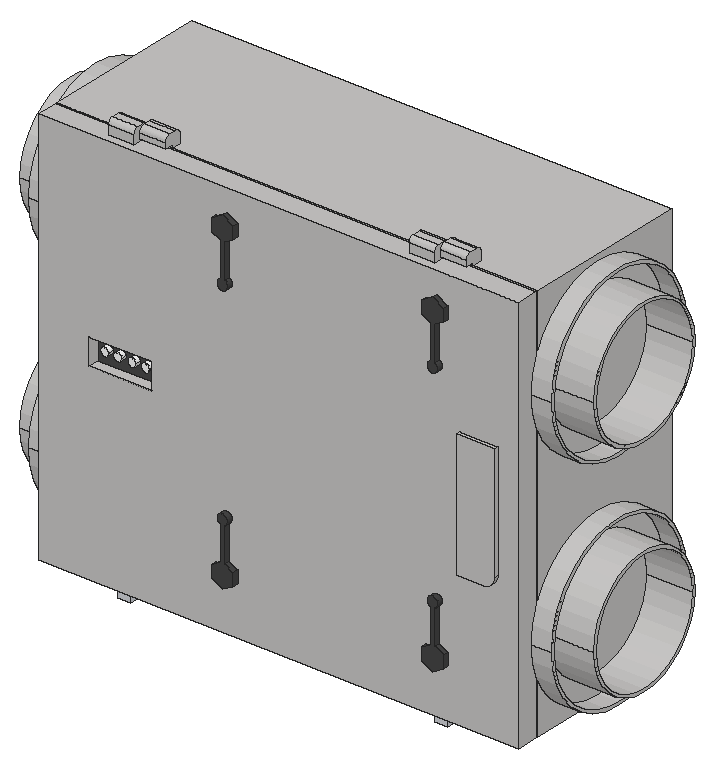
Revit family "SL70H", category Mechanical Equipment, Revit 2016
Family settings
  Part Type = Normal
  Round Connector Dimension = Use Diameter
  Work Plane-Based = No
  Always vertical = Yes
  Cut with Voids When Loaded = No
  Shared = No
  Room Calculation Point = No
Parameters
  Watts = "96"
  Voltage = "120"
  Unit Weight = "32 lbs."
  Unit Dimensions = "27-1/4\" L x 20-3/8\" W x 9-1/2\" H"
  URL = "www.renewaire.com"
  Continuous Operation Airflow = "51-76 CFM"
  Standard Features = "Unit may be mounted in any orientation, Low-voltage circuit for controls, Hard wiring in electrical box, Dial-A-Flow - balance and airflow adjustment, Variable speed, Boost mode, Cross-core differential pressure ports, Gray painted cabinet"
  Service Area Visibility = yes
  Service Area = Renewaire - Interference
  Revit Object Download Link = ""
  Phase = "1"
  Motor(s) = "Qty. 2, 48V DC motorized impeller packages"
  Model = "SL70H"
  Minimum Circuit Amps = "10"
  Maximum Overcurrent Protection = "15"
  Max. Shipping Weight (in carton) = "38 lbs."
  Max. Shipping Dimensions (in carton) = "29-1/2\" L x 22-1/2\" W x 11-1/2\" H"
  Manufacturer = "Renewaire LLC"
  Hertz = "60"
  Filters = "Total qty. 2, MERV 8, spun-polyester media: 7-1/2\" x 10-1/2\" x 1\""
  FLA per Motor = "2"
  Energy Recovery Type = "Static plate, heat and humidity transfer"
  Description = "Energy Recovery Ventilator"
  Controls = "Onboard digital controller with independent variable speeds"
  Cabinet Material [instance] = Renewaire - Galvanized Steel
  Boost Mode Airflow = "76-94 CFM"
  Accessories = "Backdraft damper 6\", Wall cap 6\" - white, brown, Digital time clock - wall mount (TC7D-W), in exterior enclosure (TC7D-E), Carbon dioxide sensor/control - wall mount (CO2-W), IAQ sensor - wall mount (IAQ-W), Motion occupancy sensor/control - ceiling mount (MC-C), wall mount (MC-W), Percentage timer control (PTL), Percentage timer control with furnace interlock (FM), Push-button point-of-use controls (PBL), PTL req'd., MERV 13 Filter - OA airstream, Wall bracket kit, Electric duct heater - RH series (1-4 kW); designed for indoor ductwork installation only"
Reference planes (in)
  plane 1 "Center (Front/Back)": y = 0
  plane 2: z = 0
  plane 3 "Center (Left/Right)": x = 0
Forms (in)
  Extrusion 1, solid, material "Renewaire - Galvanized Steel" <- "Cabinet Material"
    sketch origin (0, 0, 0) x (0, 1, 0) y (0, 0, 1)
      loop
        line (0, 9.5) -> (-8.0024, 9.5) -> (-8.0024, -9.5) -> (0, -9.5) -> (0, 9.5)
    from -11.435 to 11.43501
  Extrusion 2, solid, material "Renewaire - Galvanized Steel" <- "Cabinet Material"
    sketch origin (0, 0, 0) x (0, 1, 0) y (0, 0, 1)
      loop
        line (-9.1154, 9.5) -> (-9.1154, -9.5) -> (-8.0874, -9.5) -> (-8.0874, 9.5) -> (-9.1154, 9.5)
    from -11.435 to 11.43501
  Extrusion 3, solid, material "Renewaire - Galvanized Steel" <- "Cabinet Material"
    sketch origin (0, 0, 0) x (0, 1, 0) y (0, 0, 1)
      loop
        line (-7.55507, 9.5) -> (-7.55507, 9.91)
        arc (-7.55507, 9.91) -> (-7.62829, 10.08678) -> (-7.80507, 10.16) r 0.25
        line (-7.80507, 10.16) -> (-8.1494, 10.16)
        arc (-8.1494, 10.16) -> (-8.32618, 10.08678) -> (-8.3994, 9.91) r 0.25
        line (-8.3994, 9.91) -> (-8.3994, 9.64844) -> (-7.99845, 9.64844) -> (-7.99845, 9.5) -> (-7.55507, 9.5)
    from -7.16504 to -5.94508
  Extrusion 4, solid, material "Renewaire - Galvanized Steel" <- "Cabinet Material"
    sketch origin (0, 0, 0) x (0, 1, 0) y (0, 0, 1)
      loop
        line (-7.55507, 9.5) -> (-7.55507, 9.91)
        arc (-7.55507, 9.91) -> (-7.62829, 10.08678) -> (-7.80507, 10.16) r 0.25
        line (-7.80507, 10.16) -> (-8.1494, 10.16)
        arc (-8.1494, 10.16) -> (-8.32618, 10.08678) -> (-8.3994, 9.91) r 0.25
        line (-8.3994, 9.91) -> (-8.3994, 9.64844) -> (-7.99845, 9.64844) -> (-7.99845, 9.5) -> (-7.55507, 9.5)
    from 7.14498 to 8.36494
  Extrusion 5, solid, material "Renewaire - Galvanized Steel" <- "Cabinet Material"
    sketch origin (0, -16.24093, 0) x (0, -1, 0) y (0, 0, -1)
      loop
        line (-7.55507, -9.5) -> (-7.99845, -9.5) -> (-7.99845, -9.64844) -> (-8.3994, -9.64844) -> (-8.3994, -9.91)
        arc (-8.3994, -9.91) -> (-8.32618, -10.08678) -> (-8.1494, -10.16) r 0.25
        line (-8.1494, -10.16) -> (-7.80507, -10.16)
        arc (-7.80507, -10.16) -> (-7.62829, -10.08678) -> (-7.55507, -9.91) r 0.25
        line (-7.55507, -9.91) -> (-7.55507, -9.5)
    from -8.435 to -7.21504
  Extrusion 6, solid, material "Renewaire - Galvanized Steel" <- "Cabinet Material"
    sketch origin (0, -16.24093, 0) x (0, -1, 0) y (0, 0, -1)
      loop
        line (-7.55507, -9.5) -> (-7.99845, -9.5) -> (-7.99845, -9.64844) -> (-8.3994, -9.64844) -> (-8.3994, -9.91)
        arc (-8.3994, -9.91) -> (-8.32618, -10.08678) -> (-8.1494, -10.16) r 0.25
        line (-8.1494, -10.16) -> (-7.80507, -10.16)
        arc (-7.80507, -10.16) -> (-7.62829, -10.08678) -> (-7.55507, -9.91) r 0.25
        line (-7.55507, -9.91) -> (-7.55507, -9.5)
    from 5.87502 to 7.09498
  Extrusion 7, solid
    sketch origin (0, 0, 0) x (0, 1, 0) y (0, 0, 1)
      loop
        line (-6.34251, -9.5) -> (-8.86571, -9.5) -> (-8.86571, -9.95328) -> (-6.34251, -9.95328) -> (-6.34251, -9.5)
    from -7.84693 to -7.25293
  Extrusion 8, solid
    sketch origin (0, 0, 0) x (0, 1, 0) y (0, 0, 1)
      loop
        line (-6.34251, -9.5) -> (-8.86571, -9.5) -> (-8.86571, -9.95328) -> (-6.34251, -9.95328) -> (-6.34251, -9.5)
    from 7.25293 to 7.84693
  Extrusion 9, solid, material "Renewaire - Galvanized Steel" <- "Cabinet Material"
    sketch origin (0, 0, 0) x (0, 1, 0) y (0, 0, 1)
      loop
        circle (-4.4374, -5.366) r 2.875
      loop
        circle (-4.4374, -5.366) r 3
    from -13.65355 to -11.435
  Extrusion 10, solid, material "Renewaire - Galvanized Steel" <- "Cabinet Material"
    sketch origin (0, 0, 10.64074) x (0, 1, 0) y (0, 0, 1)
      loop
        circle (-4.4374, -5.366) r 2.875
      loop
        circle (-4.4374, -5.366) r 3
    from -13.65355 to -11.435
  Extrusion 11, solid, material "Renewaire - Galvanized Steel" <- "Cabinet Material"
    sketch origin (0, 0, 0) x (0, 1, 0) y (0, 0, 1)
      loop
        circle (-4.4374, -5.366) r 3.875
      loop
        circle (-4.4374, -5.366) r 4
    from -12.43355 to -11.435
  Extrusion 12, solid, material "Renewaire - Galvanized Steel" <- "Cabinet Material"
    sketch origin (0, 0, 10.64074) x (0, 1, 0) y (0, 0, 1)
      loop
        circle (-4.4374, -5.366) r 3.875
      loop
        circle (-4.4374, -5.366) r 4
    from -12.43355 to -11.435
  Extrusion 13, solid, material "Renewaire - Galvanized Steel" <- "Cabinet Material"
    sketch origin (0, 0, 0) x (0, 1, 0) y (0, 0, -1)
      loop
        circle (-4.4374, 5.366) r 2.875
      loop
        circle (-4.4374, 5.366) r 3
    from -13.65355 to -11.435
  Extrusion 14, solid, material "Renewaire - Galvanized Steel" <- "Cabinet Material"
    sketch origin (0, 0, 10.64074) x (0, 1, 0) y (0, 0, -1)
      loop
        circle (-4.4374, 5.366) r 2.875
      loop
        circle (-4.4374, 5.366) r 3
    from -13.65355 to -11.435
  Extrusion 15, solid, material "Renewaire - Galvanized Steel" <- "Cabinet Material"
    sketch origin (0, 0, 0) x (0, 1, 0) y (0, 0, -1)
      loop
        circle (-4.4374, 5.366) r 3.875
      loop
        circle (-4.4374, 5.366) r 4
    from -12.43355 to -11.435
  Extrusion 16, solid, material "Renewaire - Galvanized Steel" <- "Cabinet Material"
    sketch origin (0, 0, 10.64074) x (0, 1, 0) y (0, 0, -1)
      loop
        circle (-4.4374, 5.366) r 3.875
      loop
        circle (-4.4374, 5.366) r 4
    from -12.43355 to -11.435
  Extrusion 17, solid, material "Renewaire - Galvanized Steel" <- "Cabinet Material"
    sketch origin (0, 0, 0) x (1, 0, 0) y (0, 0, 1)
      loop
        line (10.435, 3) -> (8.635, 3) -> (8.635, -3) -> (9.935, -3)
        arc (9.935, -3) -> (10.28855, -2.85355) -> (10.435, -2.5) r 0.5
        line (10.435, -2.5) -> (10.435, 3)
    from 9.1154 to 9.3054
  Extrusion 18, solid, material "MonitorPorts"
    sketch origin (-1.90324, -9.1154, 43.0094) x (-1, 0, 0) y (0, 0, -1)
      loop
        line (-9.53348, 35.65895) -> (-9.94097, 35.42369) -> (-9.94097, 34.83769) -> (-9.43348, 34.54469) -> (-8.92599, 34.83769) -> (-8.92599, 35.42369) -> (-9.33348, 35.65895) -> (-9.33348, 37.28756)
        arc (-9.33348, 37.28756) -> (-9.43348, 37.76669) -> (-9.53348, 37.28756) r 0.25
        line (-9.53348, 37.28756) -> (-9.53348, 35.65895)
    from 0 to 0.25
  Extrusion 19, solid, material "MonitorPorts"
    sketch origin (-11.90187, -9.1154, 43.0094) x (-1, 0, 0) y (0, 0, -1)
      loop
        line (-9.53348, 35.65895) -> (-9.94097, 35.42369) -> (-9.94097, 34.83769) -> (-9.43348, 34.54469) -> (-8.92599, 34.83769) -> (-8.92599, 35.42369) -> (-9.33348, 35.65895) -> (-9.33348, 37.28756)
        arc (-9.33348, 37.28756) -> (-9.43348, 37.76669) -> (-9.53348, 37.28756) r 0.25
        line (-9.53348, 37.28756) -> (-9.53348, 35.65895)
    from 0 to 0.25
  Extrusion 20, solid, material "MonitorPorts"
    sketch origin (-1.90324, -9.1154, -42.03495) x (-1, 0, 0) y (0, 0, -1)
      loop
        line (-9.53348, -35.65895) -> (-9.53348, -37.28756)
        arc (-9.53348, -37.28756) -> (-9.43348, -37.76669) -> (-9.33348, -37.28756) r 0.25
        line (-9.33348, -37.28756) -> (-9.33348, -35.65895) -> (-8.92599, -35.42369) -> (-8.92599, -34.83769) -> (-9.43348, -34.54469) -> (-9.94097, -34.83769) -> (-9.94097, -35.42369) -> (-9.53348, -35.65895)
    from 0 to 0.25
  Extrusion 21, solid, material "MonitorPorts"
    sketch origin (-11.90187, -9.1154, -42.03495) x (-1, 0, 0) y (0, 0, -1)
      loop
        line (-9.53348, -35.65895) -> (-9.53348, -37.28756)
        arc (-9.53348, -37.28756) -> (-9.43348, -37.76669) -> (-9.33348, -37.28756) r 0.25
        line (-9.33348, -37.28756) -> (-9.33348, -35.65895) -> (-8.92599, -35.42369) -> (-8.92599, -34.83769) -> (-9.43348, -34.54469) -> (-9.94097, -34.83769) -> (-9.94097, -35.42369) -> (-9.53348, -35.65895)
    from 0 to 0.25
  Extrusion 22, void
    sketch origin (0, 0, 0) x (1, 0, 0) y (0, 0, 1)
      loop
        line (-9.02, 0.875) -> (-9.02, -0.375) -> (-6.02, -0.375) -> (-6.02, 0.875) -> (-9.02, 0.875)
    from 8.60802 to 12
  Extrusion 23, solid, material "Renewaire - White"
    sketch origin (0, 0, 0) x (1, 0, 0) y (0, 0, 1)
      loop
        circle (-6.55255, 0.28297) r 0.188
      loop
        circle (-7.18095, 0.28297) r 0.188
      loop
        circle (-7.86254, 0.28297) r 0.188
      loop
        circle (-8.48301, 0.28297) r 0.188
    from 8.60802 to 8.84227
Cuts and joins
  Extrusion 22 cuts Extrusion 1
  Extrusion 22 cuts Extrusion 2
Dimensions and locks (in)
  aligned and locked: plane 2 to level
Connectors (in)
  hvac at (13.65355, -4.4374, 5.27474)
    settings: on Extrusion 14, index 1, duct flow 0 CFM, flow factor 0, pres drop 0.00 in-wg, loss coef 0, conn angle 0.00°, conn width 12", conn height 12", conn diameter 6", duct sys type 1, conn prof type 0, flow config 0, flow direction 2, loss method 0, conn ref index -1, conn util no, is conn primary yes, conn desc "Supply Air (SA)"
  hvac at (13.65355, -4.4374, -5.366)
    settings: on Extrusion 13, index 2, duct flow 0 CFM, flow factor 0, pres drop 0.00 in-wg, loss coef 0, conn angle 0.00°, conn width 12", conn height 12", conn diameter 6", duct sys type 2, conn prof type 0, flow config 0, flow direction 1, loss method 0, conn ref index -1, conn util no, is conn primary no, conn desc "Return Air (RA)"
  hvac at (-13.65355, -4.4374, -5.366)
    settings: on Extrusion 9, index 3, duct flow 0 CFM, flow factor 0, pres drop 0.00 in-wg, loss coef 0, conn angle 0.00°, conn width 12", conn height 12", conn diameter 6", duct sys type 4, conn prof type 0, flow config 0, flow direction 1, loss method 0, conn ref index -1, conn util no, is conn primary no, conn desc "Outside Air (OA)"
  hvac at (-13.65355, -4.4374, 5.27474)
    settings: on Extrusion 10, index 4, duct flow 0 CFM, flow factor 0, pres drop 0.00 in-wg, loss coef 0, conn angle 0.00°, conn width 12", conn height 12", conn diameter 6", duct sys type 3, conn prof type 0, flow config 0, flow direction 2, loss method 0, conn ref index -1, conn util no, is conn primary no, conn desc "Exhaust Air (EA)"
